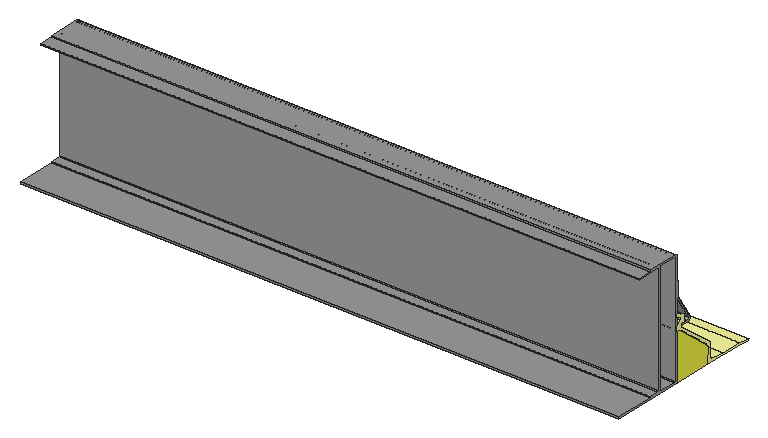
Revit family "HT S 130", category Generic Models, Revit 2014
Parameters (values of type "Max lintel length 3600mm")
  URL = "http://www.keystonelintels.co.uk"
  Structural Opening [instance] = 900 mm
  Structural Performance = "The Keystone lintel range has safe working loads as detailed in each applicable loading table in the Keystone Lintel Guide brochure. The structural performance figures within each table have been ascertained by testing in accordance with the requirements of standards BS EN 5977-2: 1983 and BS EN 845-2: 2003."
  RIBA Productor Selector = "available for Keystone Lintels Ltd from Keystone Lintels Ltd from ribaproductselector.com"
  Model = "HT/S 130"
  Min Length = 600 mm
  Min Clear Span = 300 mm
  Max Length = 3600 mm
  Max Clear Span = 3600 mm
  Material - Stainless Steel = "Grade 304 2b 1.4307 to BS EN 10088-2. Other grades available on request: contact manufacturer."
  Material - Galvanised Steel = "To BS EN 10346: 2009. DX51D plus Z600 or grade Z275 to BS 5977-2: 1983 (BS EN 845-2: 2003)."
  Manufacturer = "Keystone"
  Manufactured Length [instance] = (roundup(Effective Length / 150 mm) * 150 mm)  # 1200 mm
  Lintel height [instance] = 2100 mm
  Keynote = "F30/755"
  Fire Performance = "Keystone lintels have been subjected to a fire test (WARRES No. 101263) in accordance with BS 476-20: 1987, at Exova Warrington Fire and achieved a one hour fire performance."
  End Bearing = 150 mm
  Effective Length [instance] = Clear Opening with MIN MAX set + End Bearing * 2  # 1200 mm
  Corrosion = "Keystone’s standard range of lintels are manufactured from high quality grade pre-galvanized carbon steel with a zinc coating of 600"
  Contact Tel = "+44 (0)28 8676 2184"
  Contact Email = "info@keystonelintels.co.uk"
  Clear Opening with MIN MAX set [instance] = if(Structural Opening < Min Clear Span, Min Clear Span, (if(Structural Opening > Max Clear Span, Max Clear Span, Structural Opening)))  # 900 mm
  CPD Information = "Available for Keystone Lintels Ltd from ribacpd.com"
Reference planes
  plane 1 "Center (Front/Back)": y = 0
  plane 2: z = 0
  plane 3 "Center (Left/Right)": x = 0
  plane 4: x = -600
  plane 5: x = 600
  plane 6: z = 2100
  plane 7: x = -450
  plane 8: x = 450
Forms (mm)
  Extrusion 1, solid, material "GRP"
    sketch origin (0, 692.617, -494.85) x (0, 1, 0) y (0, 0, 1)
      loop
        line (-575.641, 2594.85) -> (-555.288, 2592.874) -> (-554.998, 2595.86) -> (-575.495, 2597.85) -> (-617.081, 2597.85) -> (-647.771, 2601.309)
        arc (-647.771, 2601.309) -> (-649.702, 2602.279) -> (-650.48, 2604.295) r 3
        line (-650.48, 2604.295) -> (-650.48, 2627.576)
        arc (-650.48, 2627.576) -> (-651.443, 2631.857) -> (-654.145, 2635.313) r 10
        line (-654.145, 2635.313) -> (-723.397, 2692.01)
        arc (-723.397, 2692.01) -> (-723.949, 2692.603) -> (-724.322, 2693.322) r 3
        line (-724.322, 2693.322) -> (-724.322, 2697.331) -> (-716.361, 2697.331) -> (-716.361, 2707.755)
        arc (-716.361, 2707.755) -> (-717.395, 2711.416) -> (-720.191, 2713.996) r 7
        line (-720.191, 2713.996) -> (-733.806, 2720.913)
        arc (-733.806, 2720.913) -> (-734.863, 2720.818) -> (-735.24, 2719.827) r 1
        line (-735.24, 2719.827) -> (-734.28, 2714.984) -> (-725.045, 2710.293)
        arc (-725.045, 2710.293) -> (-723.178, 2707.747) -> (-724.119, 2704.734) r 3.5
        line (-724.119, 2704.734) -> (-733.28, 2695.302) -> (-733.28, 2689.71)
        arc (-733.28, 2689.71) -> (-732.694, 2688.296) -> (-731.28, 2687.71) r 2
        line (-731.28, 2687.71) -> (-726.705, 2687.71)
        arc (-726.705, 2687.71) -> (-692.617, 2661.651) -> (-660.561, 2633.13) r 576.819
        arc (-660.561, 2633.13) -> (-655.692, 2625.906) -> (-654.458, 2617.282) r 19.484
        line (-654.458, 2617.282) -> (-655.498, 2604.798) -> (-655.498, 2597.85)
        arc (-655.498, 2597.85) -> (-657.034, 2596.35) -> (-655.498, 2594.85) r 1.5
        line (-655.498, 2594.85) -> (-575.641, 2594.85)
    from -600 to 600
  Extrusion 2, solid, material "Steel"
    sketch origin (0, 692.62, -494.85) x (0, 1, 0) y (0, 0, 1)
      loop
        arc (-737.874, 2594.85) -> (-735.046, 2596.022) -> (-733.874, 2598.85) r 4
        line (-733.874, 2598.85) -> (-733.874, 2748.289) -> (-704.747, 2700.728)
        arc (-704.747, 2700.728) -> (-704.574, 2697.636) -> (-707.226, 2696.038) r 3
        line (-707.226, 2696.038) -> (-723.99, 2696.038) -> (-723.99, 2693.538) -> (-707.226, 2693.538)
        arc (-707.226, 2693.538) -> (-702.38, 2696.437) -> (-702.642, 2702.078) r 5.5
        line (-702.642, 2702.078) -> (-731.374, 2749.23) -> (-731.374, 2776.977) -> (-733.874, 2776.977) -> (-733.874, 2822.85)
        arc (-733.874, 2822.85) -> (-735.046, 2825.678) -> (-737.874, 2826.85) r 4
        line (-737.874, 2826.85) -> (-799.874, 2826.85) -> (-799.874, 2823.95) -> (-826.974, 2823.95) -> (-826.974, 2821.95) -> (-780.971, 2821.95)
        arc (-780.971, 2821.95) -> (-779.557, 2821.364) -> (-778.974, 2819.95) r 2
        line (-778.974, 2819.95) -> (-778.975, 2601.75)
        arc (-778.975, 2601.75) -> (-779.561, 2600.336) -> (-780.975, 2599.75) r 2
        line (-780.975, 2599.75) -> (-799.474, 2599.75) -> (-799.474, 2597.75) -> (-878.974, 2597.75) -> (-878.974, 2594.85) -> (-737.874, 2594.85)
      loop
        line (-780.974, 2597.75) -> (-738.374, 2597.75)
        arc (-738.374, 2597.75) -> (-737.243, 2598.219) -> (-736.774, 2599.35) r 1.6
        line (-736.774, 2599.35) -> (-736.774, 2822.35)
        arc (-736.774, 2822.35) -> (-737.243, 2823.481) -> (-738.374, 2823.95) r 1.6
        line (-738.374, 2823.95) -> (-780.974, 2823.95)
        arc (-780.974, 2823.95) -> (-778.146, 2822.778) -> (-776.974, 2819.95) r 4
        line (-776.974, 2819.95) -> (-776.974, 2601.75)
        arc (-776.974, 2601.75) -> (-778.146, 2598.922) -> (-780.974, 2597.75) r 4
    from -600 to 600
  Extrusion 3, solid, material "Insulation"
    sketch origin (0, 692.617, -494.85) x (0, 1, 0) y (0, 0, 1)
      loop
        line (-737.874, 2594.85) -> (-655.498, 2594.85)
        arc (-655.498, 2594.85) -> (-657.034, 2596.35) -> (-655.498, 2597.85) r 1.5
        line (-655.498, 2597.85) -> (-655.498, 2604.798) -> (-654.458, 2617.282)
        arc (-654.458, 2617.282) -> (-655.692, 2625.906) -> (-660.561, 2633.13) r 19.484
        arc (-660.561, 2633.13) -> (-692.617, 2661.651) -> (-726.705, 2687.71) r 576.819
        line (-726.705, 2687.71) -> (-733.874, 2687.71) -> (-733.874, 2598.85)
        arc (-733.874, 2598.85) -> (-735.046, 2596.022) -> (-737.874, 2594.85) r 4
    from -600 to 600
  Extrusion 4, solid, not visible
    sketch origin (0, 891.198, 1176.864) x (0, 1, 0) y (0, 0, 1)
      loop
        line (-575.641, 994.85) -> (-555.288, 992.874) -> (-554.998, 995.86) -> (-575.495, 997.85) -> (-617.081, 997.902) -> (-647.771, 1001.309)
        arc (-647.771, 1001.309) -> (-649.702, 1002.279) -> (-650.48, 1004.295) r 3
        line (-650.48, 1004.295) -> (-650.48, 1027.576)
        arc (-650.48, 1027.576) -> (-651.443, 1031.857) -> (-654.145, 1035.313) r 10
        line (-654.145, 1035.313) -> (-723.397, 1092.01)
        arc (-723.397, 1092.01) -> (-723.949, 1092.603) -> (-724.322, 1093.322) r 3
        line (-724.322, 1093.322) -> (-724.322, 1097.331) -> (-716.361, 1097.331) -> (-716.361, 1107.755)
        arc (-716.361, 1107.755) -> (-717.395, 1111.416) -> (-720.191, 1113.996) r 7
        line (-720.191, 1113.996) -> (-733.806, 1120.913)
        arc (-733.806, 1120.913) -> (-734.863, 1120.818) -> (-735.24, 1119.827) r 1
        line (-735.24, 1119.827) -> (-734.28, 1114.984) -> (-725.045, 1110.293)
        arc (-725.045, 1110.293) -> (-723.178, 1107.747) -> (-724.119, 1104.734) r 3.5
        line (-724.119, 1104.734) -> (-733.28, 1095.302) -> (-733.28, 1089.71)
        arc (-733.28, 1089.71) -> (-732.694, 1088.296) -> (-731.28, 1087.71) r 2
        line (-731.28, 1087.71) -> (-726.705, 1087.71)
        arc (-726.705, 1087.71) -> (-692.617, 1061.651) -> (-660.561, 1033.13) r 576.819
        arc (-660.561, 1033.13) -> (-655.692, 1025.906) -> (-654.458, 1017.282) r 19.484
        line (-654.458, 1017.282) -> (-655.498, 1004.798) -> (-655.498, 997.85)
        arc (-655.498, 997.85) -> (-657.034, 996.35) -> (-655.498, 994.85) r 1.5
        line (-655.498, 994.85) -> (-575.641, 994.85)
    from 0 to 250
  Extrusion 5, solid, not visible
    sketch origin (0, 620.369, 1219.349) x (0, 1, 0) y (0, 0, 1)
      loop
        arc (-737.874, 994.85) -> (-735.046, 996.022) -> (-733.874, 998.85) r 4
        line (-733.874, 998.85) -> (-733.874, 1148.289) -> (-704.747, 1100.728)
        arc (-704.747, 1100.728) -> (-704.574, 1097.636) -> (-707.226, 1096.038) r 3
        line (-707.226, 1096.038) -> (-723.99, 1096.038) -> (-723.99, 1093.538) -> (-707.226, 1093.538)
        arc (-707.226, 1093.538) -> (-702.38, 1096.437) -> (-702.642, 1102.078) r 5.5
        line (-702.642, 1102.078) -> (-731.374, 1149.23) -> (-731.374, 1176.977) -> (-733.874, 1176.977) -> (-733.874, 1222.85)
        arc (-733.874, 1222.85) -> (-735.046, 1225.678) -> (-737.874, 1226.85) r 4
        line (-737.874, 1226.85) -> (-799.874, 1226.85) -> (-799.874, 1223.95) -> (-826.974, 1223.95) -> (-826.974, 1221.95) -> (-780.971, 1221.95)
        arc (-780.971, 1221.95) -> (-779.557, 1221.364) -> (-778.974, 1219.95) r 2
        line (-778.974, 1219.95) -> (-778.975, 1001.75)
        arc (-778.975, 1001.75) -> (-779.561, 1000.336) -> (-780.975, 999.75) r 2
        line (-780.975, 999.75) -> (-799.474, 999.75) -> (-799.474, 997.75) -> (-878.974, 997.75) -> (-878.974, 994.85) -> (-737.874, 994.85)
      loop
        line (-780.974, 997.75) -> (-738.374, 997.75)
        arc (-738.374, 997.75) -> (-737.243, 998.219) -> (-736.774, 999.35) r 1.6
        line (-736.774, 999.35) -> (-736.774, 1222.35)
        arc (-736.774, 1222.35) -> (-737.243, 1223.481) -> (-738.374, 1223.95) r 1.6
        line (-738.374, 1223.95) -> (-780.974, 1223.95)
        arc (-780.974, 1223.95) -> (-778.146, 1222.778) -> (-776.974, 1219.95) r 4
        line (-776.974, 1219.95) -> (-776.974, 1001.75)
        arc (-776.974, 1001.75) -> (-778.146, 998.922) -> (-780.974, 997.75) r 4
    from 0 to 250
  Extrusion 6, solid, not visible
    sketch origin (0, 861.55, 939.173) x (0, 1, 0) y (0, 0, 1)
      loop
        line (-737.874, 994.85) -> (-655.498, 994.85)
        arc (-655.498, 994.85) -> (-657.034, 996.35) -> (-655.498, 997.85) r 1.5
        line (-655.498, 997.85) -> (-655.498, 1004.798) -> (-654.458, 1017.282)
        arc (-654.458, 1017.282) -> (-655.692, 1025.906) -> (-660.561, 1033.13) r 19.484
        arc (-660.561, 1033.13) -> (-692.617, 1061.651) -> (-726.705, 1087.71) r 576.819
        line (-726.705, 1087.71) -> (-733.874, 1087.71) -> (-733.874, 998.85)
        arc (-733.874, 998.85) -> (-735.046, 996.022) -> (-737.874, 994.85) r 4
    from 0 to 250
Dimensions and locks
  equal spacing: plane 4, plane 3 "Center (Left/Right)", plane 5
  "Manufactured Length": plane 4 to plane 5
  "Lintel height": plane 6 to level
  "Structural Opening": plane 7 to plane 8
  equal spacing: plane 7, plane 3 "Center (Left/Right)", plane 8
  aligned and locked: level to plane 2
  aligned and locked: Extrusion 1 to plane 6
  aligned and locked: Extrusion 2 to plane 6
  aligned and locked: Extrusion 3 to plane 6
  aligned and locked: plane 5 to Extrusion 2
  aligned and locked: Extrusion 2 to plane 4
  aligned and locked: plane 5 to Extrusion 1
  aligned and locked: Extrusion 1 to plane 4
  aligned and locked: plane 5 to Extrusion 3
  aligned and locked: Extrusion 3 to plane 4
Automatic sketch dimensions
  Extrusion 1 sketch curve to Extrusion 1 sketch curve = 20.353 mm
  Extrusion 1 sketch curve to Extrusion 1 sketch curve = 0.29 mm
  Extrusion 1 sketch curve to Extrusion 1 sketch curve = 1.976 mm
  Extrusion 1 sketch curve to Extrusion 1 sketch curve = 2.986 mm  (x2)
  Extrusion 1 sketch curve to Extrusion 1 sketch curve = 0.145 mm
  Extrusion 1 sketch curve to Extrusion 1 sketch curve = 3 mm  (x2)
  Extrusion 1 sketch curve to Extrusion 1 sketch curve = 41.44 mm
  Extrusion 1 sketch curve to Extrusion 1 sketch curve = 38.418 mm
  Extrusion 1 sketch curve to Extrusion 1 sketch curve = 7.727 mm
  Extrusion 1 sketch curve to Extrusion 1 sketch curve = 6.459 mm
  Extrusion 1 sketch curve to Extrusion 1 sketch curve = 0.035 mm  (x2)
  Extrusion 1 sketch curve to Extrusion 1 sketch curve = 1.5 mm
  Extrusion 1 sketch curve to Extrusion 1 sketch curve = 6.948 mm
  Extrusion 1 sketch curve to Extrusion 1 sketch curve = 0.291 mm
  Extrusion 1 sketch curve to Extrusion 1 sketch curve = 23.281 mm
  Extrusion 1 sketch curve to Extrusion 1 sketch curve = 3.978 mm
  Extrusion 1 sketch curve to Extrusion 1 sketch curve = 10.293 mm
  Extrusion 1 sketch curve to Extrusion 1 sketch curve = 19.416 mm
  Extrusion 1 sketch curve to Extrusion 1 sketch curve = 1.622 mm
  Extrusion 1 sketch curve to Extrusion 1 sketch curve = 10.081 mm
  Extrusion 1 sketch curve to Extrusion 1 sketch curve = 0.081 mm
  Extrusion 1 sketch curve to Extrusion 1 sketch curve = 6.415 mm
  Extrusion 1 sketch curve to Extrusion 1 sketch curve = 62.836 mm
  Extrusion 1 sketch curve to Extrusion 1 sketch curve = 58.88 mm
  Extrusion 1 sketch curve to Extrusion 1 sketch curve = 404.24 mm
  Extrusion 1 sketch curve to Extrusion 1 sketch curve = 378.106 mm
  Extrusion 1 sketch curve to Extrusion 1 sketch curve = 3.308 mm
  Extrusion 1 sketch curve to Extrusion 1 sketch curve = 4.575 mm
  Extrusion 1 sketch curve to Extrusion 1 sketch curve = 2 mm
  Extrusion 1 sketch curve to Extrusion 1 sketch curve = 5.592 mm
  Extrusion 1 sketch curve to Extrusion 1 sketch curve = 0.722 mm
  Extrusion 1 sketch curve to Extrusion 1 sketch curve = 12.724 mm
  Extrusion 1 sketch curve to Extrusion 1 sketch curve = 1.9 mm
  Extrusion 1 sketch curve to Extrusion 1 sketch curve = 2.321 mm
  Extrusion 1 sketch curve to Extrusion 1 sketch curve = 0.925 mm
  Extrusion 1 sketch curve to Extrusion 1 sketch curve = 4.009 mm
  Extrusion 1 sketch curve to Extrusion 1 sketch curve = 5.136 mm
  Extrusion 1 sketch curve to Extrusion 1 sketch curve = 3.021 mm
  Extrusion 1 sketch curve to Extrusion 1 sketch curve = 0.758 mm
  Extrusion 1 sketch curve to Extrusion 1 sketch curve = 3.17 mm
  Extrusion 1 sketch curve to Extrusion 1 sketch curve = 13.616 mm
  Extrusion 1 sketch curve to Extrusion 1 sketch curve = 6.917 mm
  Extrusion 1 sketch curve to Extrusion 1 sketch curve = 3.269 mm
  Extrusion 1 sketch curve to Extrusion 1 sketch curve = 0.583 mm
  Extrusion 1 sketch curve to Extrusion 1 sketch curve = 1.684 mm
  Extrusion 1 sketch curve to Extrusion 1 sketch curve = 0.474 mm
  Extrusion 1 sketch curve to Extrusion 1 sketch curve = 5.928 mm
  Extrusion 1 sketch curve to Extrusion 1 sketch curve = 1.434 mm
  Extrusion 1 sketch curve to Extrusion 1 sketch curve = 1.086 mm
  Extrusion 1 sketch curve to Extrusion 1 sketch curve = 0.981 mm
  Extrusion 2 sketch curve to Extrusion 2 sketch curve = 141.1 mm
  Extrusion 2 sketch curve to Extrusion 2 sketch curve = 0.5 mm  (x6)
  Extrusion 2 sketch curve to Extrusion 2 sketch curve = 2 mm  (x5)
  Extrusion 2 sketch curve to Extrusion 2 sketch curve = 18.499 mm
  Extrusion 2 sketch curve to Extrusion 2 sketch curve = 0.001 mm  (x2)
  Extrusion 2 sketch curve to Extrusion 2 sketch curve = 0 mm  (x16)
  Extrusion 2 sketch curve to Extrusion 2 sketch curve = 1.999 mm
  Extrusion 2 sketch curve to Extrusion 2 sketch curve = 2.9 mm  (x3)
  Extrusion 2 sketch curve to Extrusion 2 sketch curve = 2.001 mm
  Extrusion 2 sketch curve to Extrusion 2 sketch curve = 1.1 mm  (x2)
  Extrusion 2 sketch curve to Extrusion 2 sketch curve = 26.648 mm
  Extrusion 2 sketch curve to Extrusion 2 sketch curve = 2.479 mm
  Extrusion 2 sketch curve to Extrusion 2 sketch curve = 177.627 mm
  Extrusion 2 sketch curve to Extrusion 2 sketch curve = 100.188 mm
  Extrusion 2 sketch curve to Extrusion 2 sketch curve = 1.69 mm
  Extrusion 2 sketch curve to Extrusion 2 sketch curve = 29.127 mm
  Extrusion 2 sketch curve to Extrusion 2 sketch curve = 47.561 mm
  Extrusion 2 sketch curve to Extrusion 2 sketch curve = 16.764 mm
  Extrusion 2 sketch curve to Extrusion 2 sketch curve = 2.5 mm  (x3)
  Extrusion 2 sketch curve to Extrusion 2 sketch curve = 2.105 mm
  Extrusion 2 sketch curve to Extrusion 2 sketch curve = 1.35 mm
  Extrusion 2 sketch curve to Extrusion 2 sketch curve = 0.941 mm
  Extrusion 2 sketch curve to Extrusion 2 sketch curve = 27.747 mm
  Extrusion 2 sketch curve to Extrusion 2 sketch curve = 74.561 mm
  Extrusion 2 sketch curve to Extrusion 2 sketch curve = 0.003 mm
  Extrusion 2 sketch curve to Extrusion 2 sketch curve = 44.2 mm
  Extrusion 2 sketch curve to Extrusion 2 sketch curve = 2.4 mm
  Extrusion 2 sketch curve to Extrusion 2 sketch curve = 46.003 mm
  Extrusion 2 sketch curve to Extrusion 2 sketch curve = 18.903 mm
  Extrusion 2 sketch curve to Extrusion 2 sketch curve = 61.1 mm
  Extrusion 3 sketch curve to Extrusion 3 sketch curve = 0 mm  (x3)
  Extrusion 3 sketch curve to Extrusion 3 sketch curve = 4 mm  (x2)
  Extrusion 3 sketch curve to Extrusion 3 sketch curve = 88.86 mm
  Extrusion 3 sketch curve to Extrusion 3 sketch curve = 0.035 mm  (x2)
  Extrusion 3 sketch curve to Extrusion 3 sketch curve = 1.5 mm
  Extrusion 3 sketch curve to Extrusion 3 sketch curve = 6.948 mm
  Extrusion 3 sketch curve to Extrusion 3 sketch curve = 1.04 mm
  Extrusion 3 sketch curve to Extrusion 3 sketch curve = 12.485 mm
  Extrusion 3 sketch curve to Extrusion 3 sketch curve = 19.416 mm
  Extrusion 3 sketch curve to Extrusion 3 sketch curve = 1.622 mm
  Extrusion 3 sketch curve to Extrusion 3 sketch curve = 6.103 mm
  Extrusion 3 sketch curve to Extrusion 3 sketch curve = 321.864 mm
  Extrusion 3 sketch curve to Extrusion 3 sketch curve = 66.145 mm
  Extrusion 3 sketch curve to Extrusion 3 sketch curve = 7.169 mm
  Extrusion 4 sketch curve to Extrusion 4 sketch curve = 20.353 mm
  Extrusion 4 sketch curve to Extrusion 4 sketch curve = 0.29 mm
  Extrusion 4 sketch curve to Extrusion 4 sketch curve = 1.976 mm
  Extrusion 4 sketch curve to Extrusion 4 sketch curve = 2.986 mm  (x2)
  Extrusion 4 sketch curve to Extrusion 4 sketch curve = 0.145 mm
  Extrusion 4 sketch curve to Extrusion 4 sketch curve = 3 mm
  Extrusion 4 sketch curve to Extrusion 4 sketch curve = 41.44 mm
  Extrusion 4 sketch curve to Extrusion 4 sketch curve = 3.052 mm
  Extrusion 4 sketch curve to Extrusion 4 sketch curve = 38.418 mm
  Extrusion 4 sketch curve to Extrusion 4 sketch curve = 7.727 mm
  Extrusion 4 sketch curve to Extrusion 4 sketch curve = 6.459 mm
  Extrusion 4 sketch curve to Extrusion 4 sketch curve = 0.035 mm  (x2)
  Extrusion 4 sketch curve to Extrusion 4 sketch curve = 1.5 mm
  Extrusion 4 sketch curve to Extrusion 4 sketch curve = 6.948 mm
  Extrusion 4 sketch curve to Extrusion 4 sketch curve = 0.291 mm
  Extrusion 4 sketch curve to Extrusion 4 sketch curve = 23.281 mm
  Extrusion 4 sketch curve to Extrusion 4 sketch curve = 3.978 mm
  Extrusion 4 sketch curve to Extrusion 4 sketch curve = 10.293 mm
  Extrusion 4 sketch curve to Extrusion 4 sketch curve = 19.416 mm
  Extrusion 4 sketch curve to Extrusion 4 sketch curve = 1.622 mm
  Extrusion 4 sketch curve to Extrusion 4 sketch curve = 10.081 mm
  Extrusion 4 sketch curve to Extrusion 4 sketch curve = 0.081 mm
  Extrusion 4 sketch curve to Extrusion 4 sketch curve = 6.415 mm
  Extrusion 4 sketch curve to Extrusion 4 sketch curve = 62.836 mm
  Extrusion 4 sketch curve to Extrusion 4 sketch curve = 58.88 mm
  Extrusion 4 sketch curve to Extrusion 4 sketch curve = 404.24 mm
  Extrusion 4 sketch curve to Extrusion 4 sketch curve = 378.106 mm
  Extrusion 4 sketch curve to Extrusion 4 sketch curve = 3.308 mm
  Extrusion 4 sketch curve to Extrusion 4 sketch curve = 4.575 mm
  Extrusion 4 sketch curve to Extrusion 4 sketch curve = 2 mm
  Extrusion 4 sketch curve to Extrusion 4 sketch curve = 5.592 mm
  Extrusion 4 sketch curve to Extrusion 4 sketch curve = 0.722 mm
  Extrusion 4 sketch curve to Extrusion 4 sketch curve = 12.724 mm
  Extrusion 4 sketch curve to Extrusion 4 sketch curve = 1.9 mm
  Extrusion 4 sketch curve to Extrusion 4 sketch curve = 2.321 mm
  Extrusion 4 sketch curve to Extrusion 4 sketch curve = 0.925 mm
  Extrusion 4 sketch curve to Extrusion 4 sketch curve = 4.009 mm
  Extrusion 4 sketch curve to Extrusion 4 sketch curve = 5.136 mm
  Extrusion 4 sketch curve to Extrusion 4 sketch curve = 3.021 mm
  Extrusion 4 sketch curve to Extrusion 4 sketch curve = 0.758 mm
  Extrusion 4 sketch curve to Extrusion 4 sketch curve = 3.17 mm
  Extrusion 4 sketch curve to Extrusion 4 sketch curve = 13.616 mm
  Extrusion 4 sketch curve to Extrusion 4 sketch curve = 6.917 mm
  Extrusion 4 sketch curve to Extrusion 4 sketch curve = 3.269 mm
  Extrusion 4 sketch curve to Extrusion 4 sketch curve = 0.583 mm
  Extrusion 4 sketch curve to Extrusion 4 sketch curve = 1.684 mm
  Extrusion 4 sketch curve to Extrusion 4 sketch curve = 0.474 mm
  Extrusion 4 sketch curve to Extrusion 4 sketch curve = 5.928 mm
  Extrusion 4 sketch curve to Extrusion 4 sketch curve = 1.434 mm
  Extrusion 4 sketch curve to Extrusion 4 sketch curve = 1.086 mm
  Extrusion 4 sketch curve to Extrusion 4 sketch curve = 0.981 mm
  Extrusion 5 sketch curve to Extrusion 5 sketch curve = 141.1 mm
  Extrusion 5 sketch curve to Extrusion 5 sketch curve = 0.5 mm  (x6)
  Extrusion 5 sketch curve to Extrusion 5 sketch curve = 2 mm  (x5)
  Extrusion 5 sketch curve to Extrusion 5 sketch curve = 18.499 mm
  Extrusion 5 sketch curve to Extrusion 5 sketch curve = 0.001 mm  (x2)
  Extrusion 5 sketch curve to Extrusion 5 sketch curve = 0 mm  (x16)
  Extrusion 5 sketch curve to Extrusion 5 sketch curve = 1.999 mm
  Extrusion 5 sketch curve to Extrusion 5 sketch curve = 2.9 mm  (x3)
  Extrusion 5 sketch curve to Extrusion 5 sketch curve = 2.001 mm
  Extrusion 5 sketch curve to Extrusion 5 sketch curve = 1.1 mm  (x2)
  Extrusion 5 sketch curve to Extrusion 5 sketch curve = 26.648 mm
  Extrusion 5 sketch curve to Extrusion 5 sketch curve = 2.479 mm
  Extrusion 5 sketch curve to Extrusion 5 sketch curve = 177.627 mm
  Extrusion 5 sketch curve to Extrusion 5 sketch curve = 100.188 mm
  Extrusion 5 sketch curve to Extrusion 5 sketch curve = 1.69 mm
  Extrusion 5 sketch curve to Extrusion 5 sketch curve = 29.127 mm
  Extrusion 5 sketch curve to Extrusion 5 sketch curve = 47.561 mm
  Extrusion 5 sketch curve to Extrusion 5 sketch curve = 16.764 mm
  Extrusion 5 sketch curve to Extrusion 5 sketch curve = 2.5 mm  (x3)
  Extrusion 5 sketch curve to Extrusion 5 sketch curve = 2.105 mm
  Extrusion 5 sketch curve to Extrusion 5 sketch curve = 1.35 mm
  Extrusion 5 sketch curve to Extrusion 5 sketch curve = 0.941 mm
  Extrusion 5 sketch curve to Extrusion 5 sketch curve = 27.747 mm
  Extrusion 5 sketch curve to Extrusion 5 sketch curve = 74.561 mm
  Extrusion 5 sketch curve to Extrusion 5 sketch curve = 0.003 mm
  Extrusion 5 sketch curve to Extrusion 5 sketch curve = 44.2 mm
  Extrusion 5 sketch curve to Extrusion 5 sketch curve = 2.4 mm
  Extrusion 5 sketch curve to Extrusion 5 sketch curve = 46.003 mm
  Extrusion 5 sketch curve to Extrusion 5 sketch curve = 18.903 mm
  Extrusion 5 sketch curve to Extrusion 5 sketch curve = 61.1 mm
  Extrusion 6 sketch curve to Extrusion 6 sketch curve = 0 mm  (x3)
  Extrusion 6 sketch curve to Extrusion 6 sketch curve = 4 mm  (x2)
  Extrusion 6 sketch curve to Extrusion 6 sketch curve = 88.86 mm
  Extrusion 6 sketch curve to Extrusion 6 sketch curve = 0.035 mm  (x2)
  Extrusion 6 sketch curve to Extrusion 6 sketch curve = 1.5 mm
  Extrusion 6 sketch curve to Extrusion 6 sketch curve = 6.948 mm
  Extrusion 6 sketch curve to Extrusion 6 sketch curve = 1.04 mm
  Extrusion 6 sketch curve to Extrusion 6 sketch curve = 12.485 mm
  Extrusion 6 sketch curve to Extrusion 6 sketch curve = 19.416 mm
  Extrusion 6 sketch curve to Extrusion 6 sketch curve = 1.622 mm
  Extrusion 6 sketch curve to Extrusion 6 sketch curve = 6.103 mm
  Extrusion 6 sketch curve to Extrusion 6 sketch curve = 321.864 mm
  Extrusion 6 sketch curve to Extrusion 6 sketch curve = 66.145 mm
  Extrusion 6 sketch curve to Extrusion 6 sketch curve = 7.169 mm
  Extrusion 2 sketch curve to plane 6 = 0 mm
  plane 1 "Center (Front/Back)" to Extrusion 2 sketch curve = 186.354 mm
  Extrusion 1 sketch curve to plane 6 = 0 mm
  plane 1 "Center (Front/Back)" to Extrusion 1 sketch curve = 367.121 mm
  Extrusion 3 sketch curve to plane 6 = 0 mm
  plane 1 "Center (Front/Back)" to Extrusion 3 sketch curve = 367.121 mm
